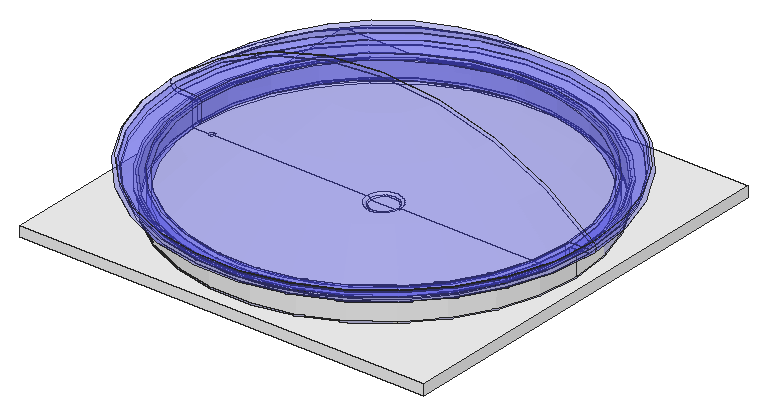
Revit family "BE_50734P_de_DE", category Leuchten, Revit 2020
Family settings
  Basisbauteil = Fläche
  Bemaßung runder Anschluss = Durchmesser verwenden
  Teiletyp = Normal
  Beim Laden mit Abzugskörper schneiden = Ja
  Lichtquelle = Ja
  Gemeinsam genutzt = Nein
  Raumberechnungspunkt = Ja
Parameters (values of type "BEGA_50734P_K27")
  built-in parameter 1150104 = 12.18 (stored number, unit not read)
  Wattage = 28.1 W
  Default Elevation = 0 mm
  built-in parameter 1150113 = 1 (stored number, unit not read)
  built-in parameter 1114218 = 1 (stored number, unit not read)
  Umgebungstemperatur = "25 °C"
  URL = "https://www.bega.com/de/produkt/50734"
  Typenkommentare = "© 2022 BEGA. Wir behalten uns das Recht vor, technische Änderungen ohne vorherige Ankündigung vorzunehmen."  # constant formula
  built-in parameter 1150134 = (empty or 0)
  built-in parameter 1150109 = 1 (stored number, unit not read)
  Strom = ""
  built-in parameter 1150110 = 1 (stored number, unit not read)
  Spannung = 239.996 V
  Sonderanfertigung = no
  Seriennummer [instance] = "Hier können Sie die eindeutige Seriennummer für das Facility Management eintragen."
  Schutzklasse = "I"
  Schutzart = "IP 20"
  Scheinlast = 0 VA
  Produktdatenblatt = "http://www.bega.de/download/Xrfa/db/50734.db.de.pdf"
  Oberflächentemperatur = ""
  Neigungswinkel = 0.00°
  Model = "50734K3"
  Material_17 = BEGA_Reflektor
  Material_15 = BEGA_Leuchtmedium_matt
  Material_14 = BEGA_Kunststoff_opal
  Material_11 = BEGA_Glas_opal
  Material_09 = BEGA_Glas_klar
  Material_06 = BEGA_Oberfläche_Edelstahl_gebürstet
  Material_03 = BEGA_Oberfläche_Weiss_matt
  Material_02 = BEGA_Oberfläche_Silber_matt
  Material_01 [instance] = BEGA_Oberfläche_Grafit_matt
  M_W = no
  M_G = no
  M_A = no
  Logo = 0
  built-in parameter 1114217 = 1 (stored number, unit not read)
  built-in parameter 1150139 = (empty or 0)
  built-in parameter 1150105 = 978.39 (stored number, unit not read)
  built-in parameter 1150114 = 1 (stored number, unit not read)
  Lumens = 3683.91 lm
  built-in parameter 1150115 = 1 (stored number, unit not read)
  Leuchtenlichtstrom = "2031 lm"
  Leuchtenanzahl = ""
  Lebensdauerkriterien = "L70B50 @ 25 °C = 200000 h"
  Lastklassifizierung = Beleuchtung
  built-in parameter 1150112 = 1 (stored number, unit not read)
  Lampenlichtstrom = "3685 lm"
  Lamp = "LED 28.1 W"
  LED_Modulbezeichnung = "LED-0630/930"
  Hersteller = "BEGA"  # constant formula
  Halbstreuwinkel = ""
  Gewicht = "3.95 kg"
  Gebrauchslageneinschränkung [instance] = ""
  Frequenz = "50/60 Hz"
  Farbwiedergabeindex = "CRI > 90"
  Farbtemperaturverschiebung bei Dämpfen der Lampe = <Keine Auswahl>
  Farbtemperatur = "3000 K"
  Color Filter = 16777215
  built-in parameter 1150133 = 10 (stored number, unit not read)
  Energieeffizienzklasse = "LED A++ - A"
  built-in parameter 1150137 = (empty or 0)
  built-in parameter 1150132 = (empty or 0)
  ENEC = ""
  Dimmbar [instance] = ""
  Photometric Web File = "BE_50734K3_Notbetrieb.IES"
  CE_Konformität = "ja"
  Bestellnummer = "50734K3"
  Beschreibung_Sonderanfertigung = "Hier können Sie Informationen zur Sonderanfertigung eintragen."
  Beschreibung = "Decken- und Wandleuchte"
  built-in parameter 1150106 = 9.7839 (stored number, unit not read)
  Befestigungsbohrung = "Ø 6 mm"
  Befestigungsabstand = "340 mm"
  Ballwurfsicher = ""
  BEGA_Intern_aus = yes
  BEGA_Intern_an = yes
  BEGA_Intern_Konstruktion = yes
  BEGA_Intern = yes
  BEGA_IES = yes
  BEGA_Dummy = no
  Anschlussleitung = ""
  Anschlussleistung [instance] = "34 W"
  Anschlusskasten = ""
  built-in parameter 1150107 = 3000 (stored number, unit not read)
  built-in parameter 1150102 = (empty or 0)
  built-in parameter 1150138 = (empty or 0)
  Aktualisierung = "2020-09-04T04:00:14"
  Abstand_zur_angestrahlten_Fläche [instance] = ""
  AC/DC = "AC"
Types (3, lengths in mm): name | Model | Leuchtenlichtstrom | Lampenlichtstrom | LED_Modulbezeichnung | Farbtemperatur | Photometric Web File | Bestellnummer
  BEGA_50734P_K27 | "50734PK27" | "3371 lm" | "4165 lm" | "LED-0630/927" | "2700 K" | "BE_50734PK27.IES" | "50734PK27"
  BEGA_50734P_K3 | "50734PK3" | "3484 lm" | "4305 lm" | "LED-0630/930" | "3000 K" | "BE_50734PK3.IES" | "50734PK3"
  BEGA_50734P_K4 | "50734PK4" | "3626 lm" | "4480 lm" | "LED-0630/940" | "4000 K" | "BE_50734PK4.IES" | "50734PK4"
Reference planes
  plane 1 "Mitte (Vorne/Hinten)": y = 0
  plane 2: z = 0
  plane 3 "Mitte (Links/Rechts)": x = 0
  plane 4 "Links": x = -210.263
  plane 5 "Rechts": x = 210.263
  plane 6 "Unten": y = -210.3
  plane 7 "Oben": y = 210.3
  plane 8 "Vorne": z = 117.8
  plane 9 "Hinten": z = 0
Forms (mm)
  Extrusion 1, solid, material "BEGA_Platte_Weiss"
    sketch origin (0, -1119.2, 0) x (1, 0, 0) y (0, 1, 0)
      loop
        line (-200, 1319.2) -> (-200, 919.2) -> (200, 919.2) -> (200, 1319.2) -> (-200, 1319.2)
    from 0 to -10
  Extrusion 2, solid, material "BEGA_Dummy_matt", visible <- "BEGA_Dummy"
    sketch origin (77.149, -76.023, 0) x (1, 0, 0) y (0, 1, 0)
      loop
        circle (-77.149, 76.023) r 210.263
    from 0 to 117.8
Dimensions and locks
  plane 1 "Mitte (Vorne/Hinten)" to Extrusion 1 = 200 mm
  aligned and locked: plane 2 to Extrusion 1
  aligned and locked: level to Extrusion 1
Nested families
  nested 1: "BE_50734P" at (0, 0, 0) x (0, -1, 0) z (0, 0, 1), type "BE_50734P"
Connectors
  electrical at (0, 0, 0), driven by "Lastklassifizierung", driven by "Spannung", driven by "Scheinlast"
    settings: index 1, voltage 239.996 V, apparent load 0 VA, apparent load phase1 0 VA, apparent load phase2 0 VA, apparent load phase3 0 VA, power factor 1, load classification "Beleuchtung", number of poles 1, system type 31, power factor state 1, is connector primary yes, connector utility no, sub classification motor no, connector description ""
Definition of nested family "BE_50734P"
  Parameters (values of type "BE_50734P")
    Default Elevation = 1 mm
    URL = "http://www.bega.de/de/produkt"
    Type Comments = "© 2015 BEGA. Wir behalten uns das Recht vor, technische Änderungen ohne vorherige Ankündigung vorzunehmen. "  # constant formula
    Type Image = (empty or 0)
    Neigungswinkel_um_Z2 = 0.00°
    Neigungswinkel_um_Z1 = 0.00°
    Neigungswinkel_um_Y2 = 0.00°
    Neigungswinkel_um_Y1 = 0.00°
    Neigungswinkel_um_X2 = 0.00°
    Neigungswinkel_um_X1 = 0.00°
    Material_17 = none
    Material_15 = none
    Material_14 = none
    Material_11 = none
    Material_09 = none
    Material_06 = none
    Material_05 = none
    Material_03 = none
    Material_02 = none
    Material_01 = none
    M_W = yes
    M_G = yes
    M_A = yes
    Länge_Platte = 600 mm  # constant formula
    Höhe_Platte = -10 mm  # constant formula
    Manufacturer = "BEGA"  # constant formula
    Drehwinkel_um_Z2 = 0.00°
    Drehwinkel_um_Z1 = 0.00°
    Breite_Platte = 600 mm  # constant formula
  Reference planes
    plane 1 "Mitte (Oben/Unten)": y = 0
    plane 2: z = 0
    plane 3 "Mitte (Links/Rechts)": x = 0
    plane 4: y = 210.263
    plane 5: z = 117.8
    plane 6: y = -210.263
    plane 7: x = -210.3
    plane 8: x = 210.3
  Forms (mm)
    Extrusion 1, solid, detail levels medium
      sketch origin (0, 0, 0) x (1, 0, 0) y (0, 1, 0)
        loop
          line (-300, 300) -> (-300, -300) -> (300, -300) -> (300, 300) -> (-300, 300)
      from 0 to -10 <- "Höhe_Platte"
    Revolve 2, solid, material <- "Material_03", detail levels medium+fine
      sketch origin (0, 0, 0) x (0, 1, 0) y (0, 0, 1)
        loop
          line (188.667, 3.3) -> (16.416, 3.3)
          arc (16.416, 3.3) -> (15.106, 2.926) -> (14.186, 1.92) r 2.5
          arc (14.186, 1.92) -> (13.635, 1.322) -> (12.852, 1.1) r 1.5
          line (12.852, 1.1) -> (0.002, 1.1) -> (0.002, 0.1) -> (13.084, 0.1)
          arc (13.084, 0.1) -> (14.394, 0.474) -> (15.313, 1.48) r 2.5
          arc (15.313, 1.48) -> (15.866, 2.078) -> (16.65, 2.3) r 1.5
          line (16.65, 2.3) -> (188.667, 2.3)
          arc (188.667, 2.3) -> (190.064, 2.868) -> (190.667, 4.25) r 2
          line (190.667, 4.25) -> (191.038, 25.509)
          arc (191.038, 25.509) -> (191.277, 26.071) -> (191.842, 26.3) r 0.8
          line (191.842, 26.3) -> (194, 26.3) -> (194, 27.3) -> (191.844, 27.3)
          arc (191.844, 27.3) -> (190.578, 26.786) -> (190.038, 25.531) r 1.8
          line (190.038, 25.531) -> (189.667, 4.275)
          arc (189.667, 4.275) -> (189.365, 3.584) -> (188.667, 3.3) r 1
        axis (0, 0.1) -> (0, 27.3)
      angle from 0 to 360
    Extrusion 3, void
      sketch origin (0, 0, 0) x (1, 0, 0) y (0, 1, 0)
        loop
          circle (163, 18) r 8.5
        loop
          circle (0, -170) r 2.75
        loop
          circle (163, -18) r 8.5
        loop
          circle (0, 170) r 2.75
      from 1.096 to 7.205
    Revolve 4, solid, material <- "Material_14", detail levels medium+fine
      sketch origin (0, 0, 0) x (0, 1, 0) y (0, 0, 1)
        loop
          line (0, 117.8) -> (0, 113.8)
          arc (0, 113.8) -> (109.34, 94.281) -> (205.171, 38.134) r 315.999
          arc (205.171, 38.134) -> (206.112, 34.88) -> (203.42, 32.823) r 3
          line (203.42, 32.823) -> (183.692, 31.789)
          arc (183.692, 31.789) -> (181.07, 30.581) -> (180, 27.899) r 3.895
          line (180, 27.899) -> (180, 10.3) -> (184, 10.3) -> (184, 26.851)
          arc (184, 26.851) -> (184.275, 27.539) -> (184.948, 27.85) r 1
          line (184.948, 27.85) -> (203.629, 28.829)
          arc (203.629, 28.829) -> (209.896, 33.581) -> (207.79, 41.158) r 7
          arc (207.79, 41.158) -> (110.737, 98.029) -> (0, 117.8) r 319.999
        axis (0, 117.8) -> (0, 10.3)
      angle from 0 to 360
    Revolve 5, solid, material <- "Material_03", detail levels medium+fine
      sketch origin (87.5, 0, 0) x (0, 1, 0) y (0, 0, 1)
        loop
          line (151.554, 0) -> (151.554, 2.614) -> (145.865, 2.614)
          arc (145.865, 2.614) -> (148.424, 0.685) -> (151.554, 0) r 7.5
        axis (151.554, 0) -> (151.554, 2.614)
      angle from 0 to 360
    Revolve 6, solid, material <- "Material_03", detail levels medium+fine
      sketch origin (-43.752, -75.774, 0) x (0.866025, -0.5, 0) y (0, 0, 1)
        loop
          line (151.554, 0) -> (151.554, 2.614) -> (145.865, 2.614)
          arc (145.865, 2.614) -> (148.424, 0.685) -> (151.554, 0) r 7.5
        axis (151.554, 0) -> (151.554, 2.614)
      angle from 0 to 360
    Revolve 7, solid, material <- "Material_03", detail levels medium+fine
      sketch origin (-43.748, 75.781, 0) x (-0.866025, -0.5, 0) y (0, 0, 1)
        loop
          line (151.554, 0) -> (151.554, 2.614) -> (145.865, 2.614)
          arc (145.865, 2.614) -> (148.424, 0.685) -> (151.554, 0) r 7.5
        axis (151.554, 0) -> (151.554, 2.614)
      angle from 0 to 360
  Cuts and joins
    Extrusion 3 cuts Revolve 2
    joined: Revolve 2, Revolve 5, Revolve 6, Revolve 7
  Dimensions and locks
    equal spacing: Extrusion 1 sketch curve, plane 3 "Mitte (Links/Rechts)", Extrusion 1 sketch curve
    equal spacing: Extrusion 1 sketch curve, plane 1 "Mitte (Oben/Unten)", Extrusion 1 sketch curve
    "Länge_Platte": Extrusion 1 sketch curve to Extrusion 1 sketch curve
    "Breite_Platte": Extrusion 1 sketch curve to Extrusion 1 sketch curve
    aligned and locked: Extrusion 1 to plane 2
    aligned and locked: level to Extrusion 1
  Automatic sketch dimensions
    Revolve 2 sketch curve to Revolve 2 sketch curve = 0 mm  (x11)
    Revolve 2 sketch curve to plane 1 "Mitte (Oben/Unten)" = 0 mm
    Revolve 2 sketch curve to plane 1 "Mitte (Oben/Unten)" = 0.002 mm
    level to Revolve 2 sketch curve = 2.6 mm
    Revolve 2 sketch curve to plane 1 "Mitte (Oben/Unten)" = 12.849 mm
    Revolve 2 sketch curve to Revolve 2 sketch curve = 0.003 mm
    Revolve 2 sketch curve to Revolve 2 sketch curve = 0.229 mm  (x2)
    level to Revolve 2 sketch curve = 0.1 mm
    Revolve 2 sketch curve to Revolve 2 sketch curve = 0.232 mm
    Revolve 2 sketch curve to Revolve 2 sketch curve = 3.338 mm
    level to Revolve 2 sketch curve = 0.8 mm
    Revolve 2 sketch curve to Revolve 2 sketch curve = 0.005 mm
    level to Revolve 2 sketch curve = 4.3 mm
    level to Revolve 2 sketch curve = 4.275 mm
    Revolve 2 sketch curve to Revolve 2 sketch curve = 1 mm  (x6)
    level to Revolve 2 sketch curve = 4.25 mm
    Revolve 2 sketch curve to Revolve 2 sketch curve = 0.8 mm
    Revolve 2 sketch curve to Revolve 2 sketch curve = 0.004 mm
    Revolve 2 sketch curve to Revolve 2 sketch curve = 0.002 mm
    Revolve 2 sketch curve to Revolve 2 sketch curve = 2.156 mm
    Revolve 2 sketch curve to Revolve 2 sketch curve = 21.25 mm
    Revolve 2 sketch curve to Revolve 2 sketch curve = 0.009 mm
    Revolve 2 sketch curve to Revolve 2 sketch curve = 0.025 mm
    Revolve 2 sketch curve to Revolve 2 sketch curve = 6.2 mm
    Revolve 5 sketch curve to Revolve 5 sketch curve = 5.69 mm
    Revolve 5 sketch curve to Revolve 5 sketch curve = 0 mm  (x3)
    Revolve 5 sketch curve to Revolve 5 sketch curve = 1.154 mm
    Revolve 5 sketch curve to Revolve 5 sketch curve = 2.614 mm
    Revolve 6 sketch curve to Revolve 6 sketch curve = 5.69 mm
    Revolve 6 sketch curve to Revolve 6 sketch curve = 0 mm  (x3)
    Revolve 6 sketch curve to Revolve 6 sketch curve = 1.154 mm
    Revolve 6 sketch curve to Revolve 6 sketch curve = 2.614 mm
    Revolve 7 sketch curve to Revolve 7 sketch curve = 5.69 mm
    Revolve 7 sketch curve to Revolve 7 sketch curve = 0 mm  (x3)
    Revolve 7 sketch curve to Revolve 7 sketch curve = 1.154 mm
    Revolve 7 sketch curve to Revolve 7 sketch curve = 2.614 mm
    Revolve 5 sketch curve to level = 0 mm
    Revolve 6 sketch curve to level = 0 mm
    level to Revolve 7 sketch curve = 0 mm
    Extrusion 3 sketch curve to plane 3 "Mitte (Links/Rechts)" = 0 mm  (x2)
    plane 1 "Mitte (Oben/Unten)" to Extrusion 3 sketch curve = 18 mm
    Extrusion 3 sketch curve to plane 1 "Mitte (Oben/Unten)" = 18 mm
    Revolve 4 sketch curve to Revolve 4 sketch curve = 0 mm  (x9)
    Revolve 4 sketch curve to plane 1 "Mitte (Oben/Unten)" = 0 mm  (x2)
    plane 1 "Mitte (Oben/Unten)" to Revolve 4 sketch curve = 0 mm
    Revolve 4 sketch curve to plane 1 "Mitte (Oben/Unten)" = 0.001 mm
    Revolve 4 sketch curve to Revolve 4 sketch curve = 3.692 mm
    Revolve 4 sketch curve to Revolve 4 sketch curve = 0.204 mm
    Revolve 4 sketch curve to Revolve 4 sketch curve = 4 mm  (x2)
    Revolve 4 sketch curve to Revolve 4 sketch curve = 1 mm
    Revolve 4 sketch curve to Revolve 4 sketch curve = 19.572 mm
    Revolve 4 sketch curve to level = 202.199 mm
    Revolve 4 sketch curve to Revolve 4 sketch curve = 0.001 mm
    level to Revolve 4 sketch curve = 10.3 mm
    Revolve 4 sketch curve to Revolve 4 sketch curve = 16.551 mm
    Revolve 4 sketch curve to Revolve 4 sketch curve = 1.048 mm
    Revolve 4 sketch curve to Revolve 4 sketch curve = 4.03 mm
    Revolve 4 sketch curve to Revolve 4 sketch curve = 0.052 mm
    Revolve 4 sketch curve to Revolve 4 sketch curve = 0.157 mm
    Revolve 4 sketch curve to Revolve 4 sketch curve = 0.209 mm
    Revolve 4 sketch curve to Revolve 4 sketch curve = 1.908 mm
    Revolve 4 sketch curve to Revolve 4 sketch curve = 2.619 mm
    Revolve 2 sketch curve to Revolve 2 sketch curve = 172.018 mm
    Revolve 2 sketch curve to Revolve 2 sketch curve = 0.371 mm
    Extrusion 3 sketch curve to plane 1 "Mitte (Oben/Unten)" = 170 mm
    Revolve 4 sketch curve to plane 1 "Mitte (Oben/Unten)" = 180 mm
    Revolve 5 sketch curve to plane 1 "Mitte (Oben/Unten)" = 145.865 mm
    plane 1 "Mitte (Oben/Unten)" to Extrusion 3 sketch curve = 170 mm
    level to Revolve 4 sketch curve = 113.8 mm
    Revolve 4 sketch curve to Revolve 4 sketch curve = 45.47 mm
    plane 3 "Mitte (Links/Rechts)" to Extrusion 3 sketch curve = 163 mm
    Extrusion 3 sketch curve to Extrusion 3 sketch curve = 0 mm
    radius of Extrusion 3 sketch curve = 8.5 mm  (x2)
    radius of Extrusion 3 sketch curve = 2.75 mm  (x2)
